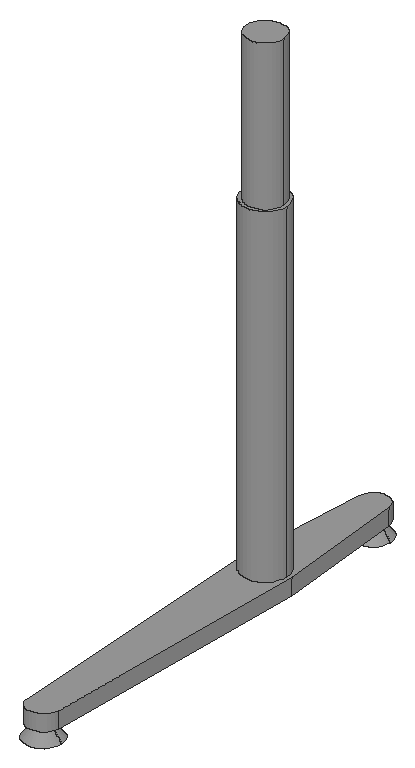
Revit family "DESKLEG", category Arredi, Revit 2023
Family settings
  Basato su piano di lavoro = No
  Attiva taglio nelle viste = No
  Sempre verticale = Sì
  Taglio con vuoti quando caricato = No
  Origine composizione di rendering = Geometria famiglia
  Condiviso = No
  Punto di calcolo locali = No
Parameters
  Table finish = Render Material 255-191-127
  Prospetto di default = 0 mm
  Modello = "A74C57"
  Produttore = "EFG"
  Descrizione = "1800x800 desk"
  Costo = 4032
  Base finish = Laminate - Grey
  Assembly Code = ""
Reference planes
  plane 1 "Center (Front/Back)": y = 0
  plane 2: z = 0
  plane 3 "Center (Left/Right)": x = 0
Forms (mm)
  Revolve 1, solid, material "Laminate - Grey" <- "Base finish"
    sketch origin (605.694, 183, -408.792) x (1, 0, 0) y (0, 0, 1)
      loop
        line (-595.694, 408.792) -> (-580.694, 408.792) -> (-595.694, 426.792) -> (-595.694, 408.792)
      axis (-605.694, 408.792) -> (-605.694, 426.792)
    angle from 0 to 360
  Extrusion 2, solid, material "Laminate - Grey" <- "Base finish"
    sketch origin (605.694, -180.792, 0) x (1, 0, 0) y (0, 1, 0)
      loop
        line (-626.632, 366.397) -> (-640.775, 181.958) -> (-626.679, -198.985)
        arc (-626.679, -198.985) -> (-605.694, -219.208) -> (-584.708, -198.985) r 21
        line (-584.708, -198.985) -> (-570.612, 181.954) -> (-584.755, 366.397)
        arc (-584.755, 366.397) -> (-605.694, 385.792) -> (-626.632, 366.397) r 21
    from 18 to 40
  Revolve 3, solid, material "Laminate - Grey" <- "Base finish"
    sketch origin (605.694, -379.25, -408.792) x (1, 0, 0) y (0, 0, 1)
      loop
        line (-595.694, 408.792) -> (-580.694, 408.792) -> (-595.694, 426.792) -> (-595.694, 408.792)
      axis (-605.694, 408.792) -> (-605.694, 426.792)
    angle from 0 to 360
  Extrusion 4, solid, material "Laminate - Grey" <- "Base finish"
    sketch origin (605.694, -180.792, 0) x (1, 0, 0) y (0, 1, 0)
      loop
        circle (-605.694, 180.792) r 30
    from 40 to 493.329
  Extrusion 5, solid, material "Laminate - Grey" <- "Base finish"
    sketch origin (605.694, -180.792, 0) x (1, 0, 0) y (0, 1, 0)
      loop
        circle (-605.694, 180.792) r 25
    from 493.329 to 696.9
